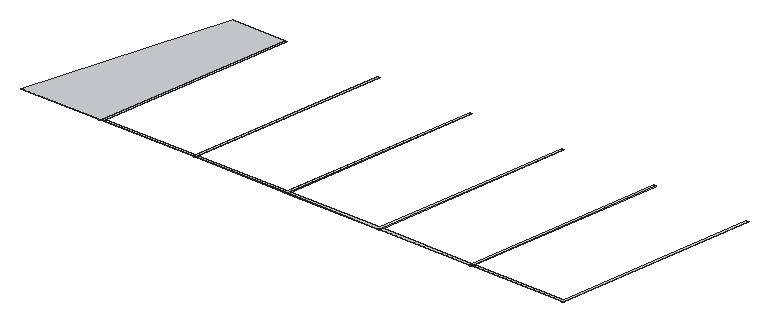
Revit family "321723 - Pavement Markings - Parking - Angled", category Parking, Revit 2020
Family settings
  Work Plane-Based = No
  Always vertical = Yes
  Cut with Voids When Loaded = No
  Shared = No
Parameters (values of type "STALL 8' - 0 1/2" - ADA 2")
  run [instance] = 46' - 4.22888"
  Width_Host = 9' - 0"
  Single_Parking_Visiblity [instance] = ParkingUnits = 1  # no
  Parking_Count [instance] = if((run / Offset) < 2, 2, (run / Offset))  # 5
  ParkingUnits [instance] = roundup(run / Offset)  # 6
  Parking Strip Width = 0' - 3"
  Offset [instance] = Width_Host / sin(Angle_Host)  # 9' - 1.66607"
  Multiple_Parking_Visiblity [instance] = ParkingUnits > 1  # yes
  Length_Host = 19' - 0"
  Angle_Host = 80.00°
  Angle of Aisle [instance] = 72.00°
  Aisle Width [instance] = 8' - 0"
  Aisle Visibility [instance] = yes
  Aisle Material = none
  ADA Person Visibility = yes
Types (2): name | run | Width_Host | Parking Strip Width | Offset | Length_Host | Angle_Host
  STALL 8' - 0 1/2" - ADA 2 | 46' - 4.22888" | 9' - 0" | 0' - 3" | 9' - 1.66607" | 19' - 0" | 80.00°
  BIKE | 8' - 0" | 1' - 6" | 0' - 1" | 1' - 6" | 6' - 0" | 90.00°
Reference planes (in)
  plane 1 "Center (Front/Back)": y = 0
  plane 2: z = 0
  plane 3 "Center (Left/Right)": x = 0
  plane 4: x = 556.22888
  plane 5: x = -96
Forms (in)
  Extrusion 1, solid, material <- "Aisle Material", visible <- "Aisle Visibility"
    sketch origin (0, 0, 0) x (1, 0, 0) y (0, 1, 0)
      loop
        line (-96, 0) -> (0, 0) -> (39.59178, 224.53617) -> (-23.04378, 224.53617) -> (-96, 0)
    from 0 to 0.125
Lines and regions (in)
  reference lines
    curve 1: line (48.56212, 0, 0) -> (109.66607, 0, 0)
    curve 2: line (109.66607, 0, 0) -> (149.25786, 224.53617, 0)
    curve 3: line (0, 0, 0) -> (39.59178, 224.53617, 0)
    curve 4: line (-96, 0, 0) -> (-36.66874, 182.60285, 0)
Dimensions and locks (in)
  "Offset": plane 3 "Center (Left/Right)" to nested 2
  "Length_Host": curve 2 to curve 2
  "run": plane 3 "Center (Left/Right)" to plane 4
  equal spacing: group 1, group 2, group 3, group 4, group 5  (x3)
  "Aisle Width": plane 5 to plane 3 "Center (Left/Right)"
  "Length_Host": curve 3 to curve 3
  "Width_Host": curve 2 to curve 3
  "Angle_Host": angle plane 1 "Center (Front/Back)" to curve 2
  "Angle_Host": angle curve 1 to curve 2
  "Angle_Host": angle curve 1 to curve 3
  "Angle of Aisle": angle plane 1 "Center (Front/Back)" to curve 4
  aligned and locked: plane 2 to level
  aligned and locked: Extrusion 1 to plane 1 "Center (Front/Back)"
  aligned and locked: curve 3 to Extrusion 1 sketch curve
  aligned and locked: plane 1 "Center (Front/Back)" to nested 2
  aligned and locked: Extrusion 1 sketch curve to curve 3
  aligned and locked: plane 1 "Center (Front/Back)" to curve 1
  aligned and locked: Extrusion 1 sketch curve to curve 4
Automatic sketch dimensions
  Extrusion 1 sketch curve to plane 1 "Center (Front/Back)" = 0' - 0"
  curve 4 to plane 1 "Center (Front/Back)" = 0' - 0"
  curve 4 to plane 5 = 0' - 0"
  plane 1 "Center (Front/Back)" to curve 3 = 0' - 0"
  curve 3 to plane 3 "Center (Left/Right)" = 0' - 0"
Nested families (in)
  nested 1: "Single Angular Parking Stripe" at (0, 0, 0), visible <- "Multiple_Parking_Visiblity", type "1st Type"
    with lenght of stall 19' - 0", Width of Parking 9' - 0"
  nested 2: "Single Angular Parking Stripe" at (109.66607, 0, 0), visible <- "Multiple_Parking_Visiblity", type "1st Type"
    with lenght of stall 19' - 0", Width of Parking 9' - 0"
  nested 3: "Single Angular Parking Stripe" at (219.33215, 0, 0), visible <- "Multiple_Parking_Visiblity", type "1st Type"
    with lenght of stall 19' - 0", Width of Parking 9' - 0"
  nested 4: "Single Angular Parking Stripe" at (328.99822, 0, 0), visible <- "Multiple_Parking_Visiblity", type "1st Type"
    with lenght of stall 19' - 0", Width of Parking 9' - 0"
  nested 5: "Single Angular Parking Stripe" at (438.6643, 0, 0), visible <- "Multiple_Parking_Visiblity", type "1st Type"
    with lenght of stall 19' - 0", Width of Parking 9' - 0"
  nested 6: "Single Angular Parking Stripe" at (0, 0, 0), visible <- "Single_Parking_Visiblity", type "1st Type"
    with lenght of stall 19' - 0", Width of Parking 9' - 0"
Definition of nested family "Single Angular Parking Stripe"
  Parameters (values of type "1st Type")
    lenght of stall = 17' - 5.4868"
    Width of Parking Stripe = 0' - 3"
    Width of Parking = 8' - 0"
    Half Width of Parking Stripe = Width of Parking Stripe / 2  # 0' - 1 1/2"
    Default Elevation = 0' - 0"
    Angle of Parking = 80.00°
    ADA Person Visibility = yes
  Reference planes (in)
    plane 1 "Center (Front/Back)": y = 0
    plane 2: z = 0
    plane 3 "Center (Left/Right)": x = 0
    plane 4: y = 3
    plane 5: x = 47.76102
  Forms (in)
    Extrusion 1, solid
      sketch origin (186, 0, 0) x (1, 0, 0) y (0, 1, 0)
        loop
          line (-149.623, 206.30423) -> (-186, 0) -> (-85.47277, 0) -> (-49.09576, 206.30423) -> (-52.05019, 206.82517) -> (-87.99006, 3) -> (-182.42474, 3) -> (-146.66858, 205.78328) -> (-149.623, 206.30423)
      from 0 to 0.125
  Lines and regions (in)
    reference lines
      curve 1: line (0, 0, 0) -> (36.377, 206.30423, 0)
      curve 2: line (3.57526, 3, 0) -> (39.33142, 205.78328, 0)
      curve 3: line (100.52723, 0, 0) -> (136.90424, 206.30423, 0)
      curve 4: line (97.72321, 1.37392, 0) -> (133.94981, 206.82517, 0)
      curve 5: line (36.377, 206.30423, 0) -> (39.33142, 205.78328, 0)
      curve 6: line (133.94981, 206.82517, 0) -> (136.90424, 206.30423, 0)
      curve 7: line (0, 0, 0) -> (100.52723, 0, 0)
    model lines, not visible
      curve 8: arc (42.22609, 113.91421, 0.47848) -> (46.99466, 116.26119, 0.47848) -> (44.79484, 111.42297, 0.47848) r 2.82214
      curve 9: arc (55.62195, 85.90388, 0.47848) -> (38.29942, 84.52754, 0.47848) -> (40.50207, 101.76449, 0.47848) r 11.19395
      curve 10: arc (54.60605, 88.40356, 0.47848) -> (40.83303, 85.10242, 0.47848) -> (40.66288, 99.2645, 0.47848) r 9.06187
      curve 11: line (44.79484, 111.42297, 0.47848) -> (45.08523, 103.16126, 0.47848)
      curve 12: line (45.08523, 103.16126, 0.47848) -> (50.50315, 103.16126, 0.47848)
      curve 13: line (50.50315, 103.16126, 0.47848) -> (50.50315, 100.67384, 0.47848)
      curve 14: line (40.66288, 99.2645, 0.47848) -> (40.50207, 101.76449, 0.47848)
      curve 15: line (50.50315, 100.67384, 0.47848) -> (45.18187, 100.67384, 0.47848)
      curve 16: line (45.18187, 100.67384, 0.47848) -> (45.31396, 98.06079, 0.47848)
      curve 17: line (45.31396, 98.06079, 0.47848) -> (54.96654, 98.06079, 0.47848)
      curve 18: line (54.96654, 98.06079, 0.47848) -> (59.79227, 86.28295, 0.47848)
      curve 19: line (59.79227, 86.28295, 0.47848) -> (62.36945, 87.34122, 0.47848)
      curve 20: line (62.36945, 87.34122, 0.47848) -> (63.31431, 85.04024, 0.47848)
      curve 21: line (63.31431, 85.04024, 0.47848) -> (58.43437, 83.03638, 0.47848)
      curve 22: line (58.43437, 83.03638, 0.47848) -> (53.29759, 95.57337, 0.47848)
      curve 23: line (53.29759, 95.57337, 0.47848) -> (42.9213, 95.57337, 0.47848)
      curve 24: line (42.9213, 95.57337, 0.47848) -> (42.19757, 114.20215, 0.47848)
      curve 25: line (55.62195, 85.90388, 0.47848) -> (54.60605, 88.40356, 0.47848)
    model lines
      curve 26: line (37.85421, 206.04376, 0.125) -> (1.78763, 1.5, 0.125)
      curve 27: line (1.78763, 1.5, 0.125) -> (99.26859, 1.5, 0.125)
      curve 28: line (99.26859, 1.5, 0.125) -> (135.42702, 206.5647, 0.125)
  Dimensions and locks (in)
    "Width of Parking Stripe": plane 4 to plane 1 "Center (Front/Back)"
    Extrusion 1 to Extrusion 1 = 8' - 0"
    "Width of Parking Stripe": curve 2 to curve 1
    "Width of Parking": curve 4 to curve 1
    "lenght of stall": curve 7 to curve 5
    "lenght of stall": curve 7 to curve 6
    "Width of Parking Stripe": curve 3 to curve 4
    locked: nested 1 to curve 5 at 48
    equal spacing: Extrusion 1, curve 26, Extrusion 1
    equal spacing: Extrusion 1, curve 27, Extrusion 1
    equal spacing: Extrusion 1, curve 28, Extrusion 1
    "Angle of Parking": angle plane 1 "Center (Front/Back)" to curve 1
    "Angle of Parking": angle plane 4 to curve 2
    "Angle of Parking": angle curve 7 to nested 1
    "Angle of Parking": angle plane 1 "Center (Front/Back)" to curve 3
    "Angle of Parking": angle plane 4 to curve 4
    locked: curve 1 to curve 5 (angle 90.00°)
    locked: curve 4 to curve 6 (angle 90.00°)
    aligned and locked: plane 2 to level
    aligned and locked: plane 1 "Center (Front/Back)" to curve 7
    aligned and locked: plane 4 to curve 2
    aligned and locked: plane 3 "Center (Left/Right)" to curve 1
    aligned and locked: Extrusion 1 sketch curve to curve 1
    aligned and locked: Extrusion 1 sketch curve to curve 2
    aligned and locked: plane 4 to Extrusion 1 sketch curve
    aligned and locked: plane 1 "Center (Front/Back)" to Extrusion 1 sketch curve
    aligned and locked: Extrusion 1 sketch curve to curve 4
    aligned and locked: Extrusion 1 sketch curve to curve 3
    aligned and locked: Extrusion 1 sketch curve to curve 5
    aligned and locked: Extrusion 1 sketch curve to curve 6
    aligned and locked: Extrusion 1 to curve 26
    aligned and locked: Extrusion 1 to curve 28
  Nested families (in)
    nested 1: "ADA Person" at (75.31266, 150.69834, 0.125) x (0.9848, -0.1736, 0) z (0, 0, 1), visible <- "ADA Person Visibility", type "ADA Person"
  Definition of nested family "ADA Person"
    Parameters
      Default Elevation = 0' - 0"
    Reference planes (in)
      plane 1 "Center (Front/Back)": y = 0
      plane 2: z = 0
      plane 3 "Center (Left/Right)": x = 0
    Lines and regions (in)
      model lines
        curve 1: arc (-4.75511, 17.41566, 0) -> (0.01346, 19.76264, 0) -> (-2.18636, 14.92442, 0) r 2.82214
        curve 2: arc (8.64075, -10.59468, 0) -> (-8.68178, -11.97102, 0) -> (-6.47912, 5.26594, 0) r 11.19395
        curve 3: arc (7.62485, -8.09499, 0) -> (-6.14816, -11.39613, 0) -> (-6.31831, 2.76595, 0) r 9.06187
        curve 4: line (-2.18636, 14.92442, 0) -> (-1.89597, 6.66271, 0)
        curve 5: line (-1.89597, 6.66271, 0) -> (3.52195, 6.66271, 0)
        curve 6: line (3.52195, 6.66271, 0) -> (3.52195, 4.17529, 0)
        curve 7: line (-6.31831, 2.76595, 0) -> (-6.47912, 5.26594, 0)
        curve 8: line (3.52195, 4.17529, 0) -> (-1.79933, 4.17529, 0)
        curve 9: line (-1.79933, 4.17529, 0) -> (-1.66724, 1.56224, 0)
        curve 10: line (-1.66724, 1.56224, 0) -> (7.98534, 1.56224, 0)
        curve 11: line (7.98534, 1.56224, 0) -> (12.81107, -10.2156, 0)
        curve 12: line (12.81107, -10.2156, 0) -> (15.38825, -9.15733, 0)
        curve 13: line (15.38825, -9.15733, 0) -> (16.33311, -11.45831, 0)
        curve 14: line (16.33311, -11.45831, 0) -> (11.45317, -13.46217, 0)
        curve 15: line (11.45317, -13.46217, 0) -> (6.31639, -0.92518, 0)
        curve 16: line (6.31639, -0.92518, 0) -> (-4.0599, -0.92518, 0)
        curve 17: line (-4.0599, -0.92518, 0) -> (-4.78363, 17.70359, 0)
        curve 18: line (8.64075, -10.59468, 0) -> (7.62485, -8.09499, 0)
    Dimensions and locks (in)
      aligned and locked: plane 2 to level
